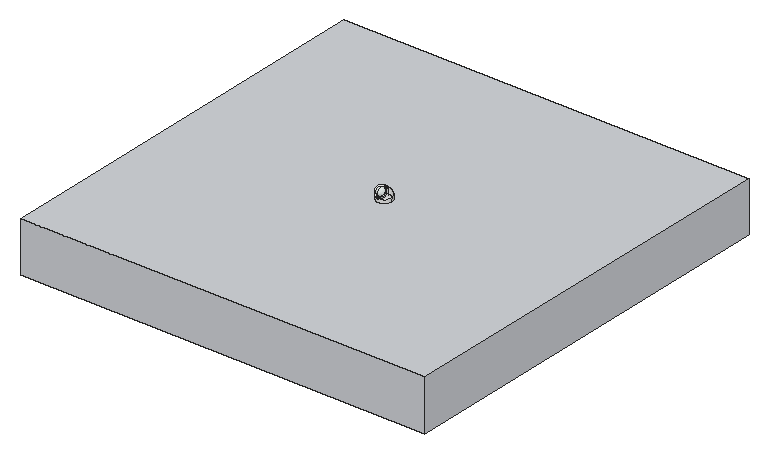
Revit family "Legrand_Gestion_eclairage_Detect_mvt_autonome_360D_IP55_Plafond", category Dispositifs d'éclairage, Revit 2020
Family settings
  Hôte = Face
  Conserver l'orientation des annotations = Non
  Cote de connecteur circulaire = Utiliser le diamètre
  Type d'élément = Normal
  Couper avec des vides une fois chargée = Non
  Partagée = Non
  Point de calcul de pièce = Non
Parameters
  Ø zone en plan [instance] = 8000 mm
  position plafond [instance] = 2500 mm
  Zone de detection [instance] = no
  URL = "http://www.legrandoc.com/048946"
  Télécommandable = "non"
  Type de tension = "AC"
  Tension nominale (V) = "230"
  Température (MIN) (°C) = -5
  Température (MAX) (°C) = 45
  Sensibilité réglable = "non"
  Sensibilité lumineuse réglable = "oui"
  Sensibilité lumineuse (MIN) (lx) = 5
  Sensibilité lumineuse (MAX) (lx) = 1275
  Réglage de lumière constante = "oui"
  Product ID = "048946"
  Numéro RAL = "9003"
  Mode de montage = "apparent"
  Indication distance [instance] = Ø zone en plan / 1000  # 8 mm
  Image du type = PH6-Plafond.jpg
  Hauteur maxi de montage (m) = "2.5"
  Gestion alarme = "non"
  Gestion CVC = "non"
  Fréquence (MIN) (Hz) = 50
  Fréquence (MAX) (Hz) = 60
  Fonction variateur intégrée = "non"
  Fabricant = "LEGRAND"
  Exécution = "détecteur de mouvement"
  Etiquette [instance] = no
  Entrée secondaire = "non"
  Default Elevation = 0 mm
  ETIM-5.0 Class = "EC000133"
  Durée d'enclenchement min (s) = "10"
  Durée d'enclenchement max (mn) = "10"
  Description = "DETECT DE MOUVEMENT PIR 360D MUR PLAFOND IP55 BLISTER"
  Courant de démarrage max (A) = "4.3"
  Coupure forcée = "non"
  Couleur = "blanc"
  Condition Générale d'Utilisation = "https://export.legrand.com/CGU-objets-BIM"
  Code d'assemblage = "D5010200"
  Classe de protection (IP) = "IP55"
  Capacité de coupure max (W) = 1000
  Angle de détection horizontal (MIN) (°) = 0
  Angle de détection horizontal (MAX) (°) = 360
  Adapté pour transmission sans fil = "non"
Reference planes
  plane 1 "Centre (avant/arrière)": y = 0
  plane 2: z = 0
  plane 3 "Centre (gauche/droite)": x = 0
Forms (mm)
  Extrusion 1, solid
    sketch origin (0, 0, 0) x (1, 0, 0) y (0, 1, 0)
      loop
        line (-1219.2, 1219.2) -> (-1219.2, -1219.2) -> (1219.2, -1219.2) -> (1219.2, 1219.2) -> (-1219.2, 1219.2)
    from 0 to -304.8
Dimensions and locks
  aligned and locked: plane 2 to Extrusion 1
  aligned and locked: level to Extrusion 1
  aligned and locked: nested 1 to plane 2
Nested families
  nested 1: "048943 plaf" at (0, 0, 0), type "048943 plaf"
  nested 2: "Symbole C" at (0, 0, 0), type "Symbole C"
  nested 3: "Zone Plafond" at (0, 0, 0), visible <- "Zone de detection", Ø zone en plan <- "Ø zone en plan", type "Zone Plafond"
    with Ø zone en plan 8000 mm, Ø Interieur 5333.333 mm
  nested 4: "Détection 360 Dia" at (0, 215.026, 0), Indication distance <- "Indication distance", visible <- "Etiquette", type "Détection 360 Dia"
    with Indication distance 8 mm
Connectors
  electrical at (0, 0, 0)
    settings: on nested 1, index 1, voltage 230 V, apparent load 0 VA, apparent load phase1 0 VA, apparent load phase2 0 VA, apparent load phase3 0 VA, power factor 1, load classification "Autre", number of poles 1, system type 31, power factor state 1, is connector primary yes, connector utility no, sub classification motor no, connector description ""
Definition of nested family "048943 plaf"
  Parameters (values of type "048943 plaf")
    Optique = none
    built-in parameter 1140140 [instance] = 1 (stored number, unit not read)
    Finition = none
    Default Elevation = 0 mm
    built-in parameter 1140142 [instance] = -1
    built-in parameter 1155100 [instance] = -1
  Reference planes
    plane 1 "Centre (avant/arrière)": y = 0
    plane 2: z = 0
    plane 3 "Centre (gauche/droite)": x = 0
  Forms (mm)
    SweptBlend 1, solid, material <- "Finition"
      path origin (0, -45.25, 0) x (0, 0, -1) y (0, 1, 0)
        loop
          arc (-20.345, 67.875) -> (-47.049, 62.401) -> (-69.446, 46.863) r 67.875
      profile origin (0, 22.625, 20.345) x (0, -1, 0) y (1, 0, 0)
        loop
          circle (22.625, 0) r 44.25
      end profile origin (0, 1.613, 69.446) x (0, -0.690434, -0.723395) y (1, 0, 0)
        loop
          spline (32.637, -33) -> (41.176, -31.876) -> (49.132, -28.579) -> (55.965, -23.335) -> (61.208, -16.5) -> (64.504, -8.541) -> (65.628, 0) -> (64.504, 8.541) -> (61.208, 16.5) -> (55.965, 23.335) -> (49.132, 28.579) -> (41.176, 31.876) -> (32.637, 33)
          spline (32.637, 33) -> (24.098, 31.876) -> (16.141, 28.579) -> (9.309, 23.335) -> (4.066, 16.5) -> (0.77, 8.541) -> (-0.354, 0) -> (0.77, -8.541) -> (4.066, -16.5) -> (9.309, -23.335) -> (16.141, -28.579) -> (24.098, -31.876) -> (32.637, -33)
    Extrusion 2, solid, material <- "Finition"
      sketch origin (0, -20.92, 45.836) x (0, 0.690434, 0.723395) y (-1, 0, 0)
        loop
          arc (0, -33) -> (32.991, 0) -> (0, 33) r 33
          arc (0, 33) -> (-32.991, 0) -> (0, -33) r 33
      from 0 to 10
    Revolve 3, solid, material <- "Optique"
      sketch origin (0, -45.25, 0) x (0, 0, -1) y (0, 1, 0)
        loop
          arc (-69.372, 32.969) -> (-71.978, 17.908) -> (-64.892, 4.364) r 23.816
          line (-64.892, 4.364) -> (-52.74, 17.096) -> (-69.372, 32.969)
        axis (-52.74, 17.096) -> (-64.892, 4.364)
      angle from 0 to 360
    Extrusion 4, solid, material <- "Finition"
      sketch origin (0, -45.25, 12.905) x (1, 0, 0) y (0, 1, 0)
        loop
          circle (0, 45.25) r 44.249
      from -12.905 to 7.44
  Dimensions and locks
    aligned and locked: level to plane 2
    aligned and locked: Revolve 3 to Extrusion 2
    aligned and locked: Extrusion 4 to level
    aligned and locked: Extrusion 4 to SweptBlend 1
Definition of nested family "Symbole C"
  Reference planes
    plane 1: y = 0
    plane 2: x = 0
  Lines and regions (mm)
    detail lines
      curve 1: circle (0, 0, 0) r 0.872 normal (0, 0, 1)
      curve 2: circle (0, -0.457, 0) r 0.406 normal (0, 0, 1)
  Text (mm)
    text "IR" at (-0.268, -0.989, 0)
  Dimensions and locks
    aligned and locked: plane 1 to curve 1
    aligned and locked: plane 2 to curve 2
Definition of nested family "Zone Plafond"
  Parameters (values of type "Zone Plafond")
    Ø zone en plan [instance] = 4000 mm
    Ø Interieur [instance] = Ø zone en plan / 1.5  # 2666.667 mm
  Reference planes
    plane 1 "Centre (avant/arrière)": y = 0
    plane 2: z = 0
    plane 3 "Centre (gauche/droite)": x = 0
  Lines and regions (mm)
    detail lines, in view "Niveau de réf."
      curve 1: circle (0, 0, 0) r 2000 normal (0, 0, 1)
  Dimensions and locks
    "Ø zone en plan": diameter of curve 1
    aligned and locked: plane 3 "Centre (gauche/droite)" to curve 1
    aligned and locked: plane 1 "Centre (avant/arrière)" to curve 1
Definition of nested family "Détection 360 Dia"
  Parameters (values of type "Détection 360 Dia")
    Indication distance [instance] = 0 mm
  Reference planes
    plane 1: y = 0
    plane 2: x = 0
  Text (mm)
    label "Détection 360° Ø Indication distancem à 2,5m haut" at (-0.885, 0.234, 0), shows "Indication distance"
